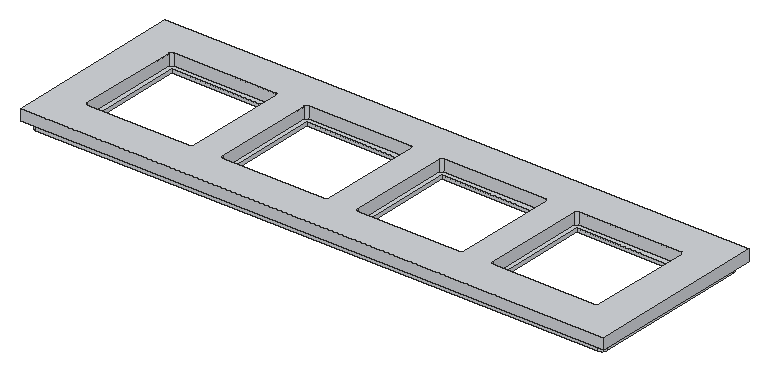
Revit family "Gira_021410", category Electrical Fixtures, host Face, Revit 2017
Family settings
  Host = Face
  Maintain Annotation Orientation = No
  Round Connector Dimension = Use Diameter
  Part Type = Normal
  Cut with Voids When Loaded = No
  Shared = No
  Room Calculation Point = No
Parameters (values of type "Abdeckrahmen 4f Gira Esprit Chrom")
  Werkstoffgüte = "sonstige"
  Werkstoff = "Metall"
  URL = "http://katalog.gira.de/de_DE/datenblatt.html?artikelnr=021410"
  Transparent = "No"
  Textfeld/Beschriftungsfläche = "No"
  Schutzart (IP) = "IP20"
  Region = "DE"
  Oberfläche = "sonstige"
  Name = "Abdeckrahmen 4f Gira Esprit Chrom"
  Montagerichtung = "horizontal und vertikal"
  Mit Montagerahmen = "No"
  Mit Klappdeckel = "No"
  Manufacturer URL = "https://www.gira.de/"
  Keynote = "Espr._Rahmen_4fach"
  HeinzeBIM = "https://bimportal.heinze.de/bim/abdeckrahmen-4f-gira-esprit-chrom/47cc7264fed509c74b28c1fc77dcabc0680cb7aa"
  Halogenfrei = "No"
  HAN = "021410"
  Geeignet für Unterputz-Installation = "Yes"
  Geeignet für Unterflurkanaldose = "No"
  Geeignet für Geräteeinbaukanal = "No"
  Geeignet für Einbauinstallation = "No"
  GTIN = "4010337003045"
  Farbe = "chrom"
  Default Elevation = 1219.2 mm
  Data sheet (1) = "https://katalog.gira.de/de_DE/download.html?artikelnr=021410"
  Category = "Abdeckrahmen"
  Befestigungsart = "Klemmbefestigung"
  Available = "Yes"
  Anzahl der Einheiten vertikal = "4 "
  Anzahl der Einheiten horizontal = "4 "
  Anzahl der Einheiten = "4 "
Reference planes
  plane 1 "Center (Front/Back)": y = 0
  plane 2: z = 0
  plane 3 "Center (Left/Right)": x = 0
Forms (mm)
  Extrusion 1, solid, detail levels fine
    sketch origin (0, 0, 0) x (1, 0, 0) y (0, 1, 0)
      loop
        line (-154, 47.5) -> (-154, -47.5) -> (154, -47.5) -> (154, 47.5) -> (-154, 47.5)
      loop
        arc (-135.25, -26.8) -> (-134.811, -27.861) -> (-133.75, -28.3) r 1.5
        line (-133.75, -28.3) -> (-80.15, -28.3)
        arc (-80.15, -28.3) -> (-79.089, -27.861) -> (-78.65, -26.8) r 1.5
        line (-78.65, -26.8) -> (-78.65, 26.8)
        arc (-78.65, 26.8) -> (-79.089, 27.861) -> (-80.15, 28.3) r 1.5
        line (-80.15, 28.3) -> (-133.75, 28.3)
        arc (-133.75, 28.3) -> (-134.811, 27.861) -> (-135.25, 26.8) r 1.5
        line (-135.25, 26.8) -> (-135.25, -26.8)
      loop
        arc (-63.95, -26.8) -> (-63.511, -27.861) -> (-62.45, -28.3) r 1.5
        line (-62.45, -28.3) -> (-8.85, -28.3)
        arc (-8.85, -28.3) -> (-7.789, -27.861) -> (-7.35, -26.8) r 1.5
        line (-7.35, -26.8) -> (-7.35, 26.8)
        arc (-7.35, 26.8) -> (-7.789, 27.861) -> (-8.85, 28.3) r 1.5
        line (-8.85, 28.3) -> (-62.45, 28.3)
        arc (-62.45, 28.3) -> (-63.511, 27.861) -> (-63.95, 26.8) r 1.5
        line (-63.95, 26.8) -> (-63.95, -26.8)
      loop
        arc (7.35, -26.8) -> (7.789, -27.861) -> (8.85, -28.3) r 1.5
        line (8.85, -28.3) -> (62.45, -28.3)
        arc (62.45, -28.3) -> (63.511, -27.861) -> (63.95, -26.8) r 1.5
        line (63.95, -26.8) -> (63.95, 26.8)
        arc (63.95, 26.8) -> (63.511, 27.861) -> (62.45, 28.3) r 1.5
        line (62.45, 28.3) -> (8.85, 28.3)
        arc (8.85, 28.3) -> (7.789, 27.861) -> (7.35, 26.8) r 1.5
        line (7.35, 26.8) -> (7.35, -26.8)
      loop
        arc (78.65, -26.8) -> (79.089, -27.861) -> (80.15, -28.3) r 1.5
        line (80.15, -28.3) -> (133.75, -28.3)
        arc (133.75, -28.3) -> (134.811, -27.861) -> (135.25, -26.8) r 1.5
        line (135.25, -26.8) -> (135.25, 26.8)
        arc (135.25, 26.8) -> (134.811, 27.861) -> (133.75, 28.3) r 1.5
        line (133.75, 28.3) -> (80.15, 28.3)
        arc (80.15, 28.3) -> (79.089, 27.861) -> (78.65, 26.8) r 1.5
        line (78.65, 26.8) -> (78.65, -26.8)
    from 0 to 6
  Extrusion 2, solid, detail levels fine
    sketch origin (0, 0, 0) x (1, 0, 0) y (0, 1, 0)
      loop
        line (-132.85, -25.7) -> (-81.05, -25.7) -> (-81.05, 25.7) -> (-132.85, 25.7) -> (-132.85, -25.7)
      loop
        line (61.55, 25.7) -> (9.75, 25.7) -> (9.75, -25.7) -> (61.55, -25.7) -> (61.55, 25.7)
      loop
        arc (-149.85, -41.4) -> (-149.323, -42.673) -> (-148.05, -43.2) r 1.8
        line (-148.05, -43.2) -> (148.05, -43.2)
        arc (148.05, -43.2) -> (149.323, -42.673) -> (149.85, -41.4) r 1.8
        line (149.85, -41.4) -> (149.85, 41.4)
        arc (149.85, 41.4) -> (149.323, 42.673) -> (148.05, 43.2) r 1.8
        line (148.05, 43.2) -> (-148.05, 43.2)
        arc (-148.05, 43.2) -> (-149.323, 42.673) -> (-149.85, 41.4) r 1.8
        line (-149.85, 41.4) -> (-149.85, -41.4)
      loop
        line (-9.75, 25.7) -> (-61.55, 25.7) -> (-61.55, -25.7) -> (-9.75, -25.7) -> (-9.75, 25.7)
      loop
        line (132.85, 25.7) -> (81.05, 25.7) -> (81.05, -25.7) -> (132.85, -25.7) -> (132.85, 25.7)
    from -1.9 to 0
  Extrusion 3, solid, detail levels fine
    sketch origin (0, 0, 0) x (1, 0, 0) y (0, 1, 0)
      loop
        arc (-148.05, 44.4) -> (-150.171, 43.521) -> (-151.05, 41.4) r 3
        line (-151.05, 41.4) -> (-151.05, -41.4)
        arc (-151.05, -41.4) -> (-150.171, -43.521) -> (-148.05, -44.4) r 3
        line (-148.05, -44.4) -> (148.05, -44.4)
        arc (148.05, -44.4) -> (150.171, -43.521) -> (151.05, -41.4) r 3
        line (151.05, -41.4) -> (151.05, 41.4)
        arc (151.05, 41.4) -> (150.171, 43.521) -> (148.05, 44.4) r 3
        line (148.05, 44.4) -> (-148.05, 44.4)
      loop
        arc (-149.85, -41.4) -> (-149.323, -42.673) -> (-148.05, -43.2) r 1.8
        line (-148.05, -43.2) -> (148.05, -43.2)
        arc (148.05, -43.2) -> (149.323, -42.673) -> (149.85, -41.4) r 1.8
        line (149.85, -41.4) -> (149.85, 41.4)
        arc (149.85, 41.4) -> (149.323, 42.673) -> (148.05, 43.2) r 1.8
        line (148.05, 43.2) -> (-148.05, 43.2)
        arc (-148.05, 43.2) -> (-149.323, 42.673) -> (-149.85, 41.4) r 1.8
        line (-149.85, 41.4) -> (-149.85, -41.4)
    from -3.7 to 0
  Extrusion 4, solid, detail levels medium
    sketch origin (0, 0, 0) x (1, 0, 0) y (0, 1, 0)
      loop
        line (-154, 47.5) -> (-154, -47.5) -> (154, -47.5) -> (154, 47.5) -> (-154, 47.5)
    from 0 to 6
  Extrusion 5, solid, detail levels medium
    sketch origin (0, 0, 0) x (1, 0, 0) y (0, 1, 0)
      loop
        line (-154, 44.4) -> (-154, -44.4) -> (154, -44.4) -> (154, 44.4) -> (-154, 44.4)
    from -3.7 to 0
  Extrusion 6, solid, detail levels coarse
    sketch origin (0, 0, 0) x (1, 0, 0) y (0, 1, 0)
      loop
        line (-154, 47.5) -> (-154, -47.5) -> (154, -47.5) -> (154, 47.5) -> (-154, 47.5)
    from -3.7 to 6
Dimensions and locks
  aligned and locked: plane 2 to host face
  aligned and locked: level to host face
